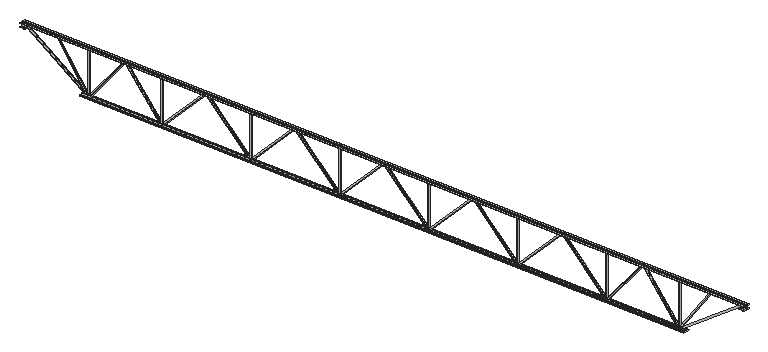
Revit family "M_Caibro de barra Série DLH", category Quadro estrutural, Revit 2019
Family settings
  Arredondamento do comprimento do framing estrutural = 1 mm
  Forma do corte = Não definido
  Material para o comportamento do modelo = Aço
  Exportar sempre como geometria = Sim
  Número OmniClass = 23.25.30.21.14.11
  Título OmniClass = Metal Joists
  ID de item do Seek = DLH-Series Bar Joist-0000-CAN-ENU
  Sempre na vertical = Sim
  Corte com vazios quando carregada = Não
  Representação simbólica = Da família
  Compartilhado = Não
  Exibir o pré-corte da família na vista da planta = Sim
Parameters (values of type "52DLH14")
  Visibilidade do membro vertical = yes
  Painel variável [instance] = (Length - (Painel final * 2) - ComprimentoMatrizPainelInt) / 2  # 2163.5 mm
  Material estrutural = none
  Deslocamento inicial [instance] = 0 mm
  Extensão inicial [instance] = 0 mm
  M = 58
  Espessura da teia = 25 mm
  Comprimento do assento = 150 mm
  Profundidade do assento = 125 mm
  LarguraPainelInt [instance] = Linear * 2  # 2642 mm
  NumMatrizPainelInt [instance] = (ComprimentoÁreaPainel / LarguraPainelInt) - 2  # 5
  ComprimentoMatrizPainelInt [instance] = NumMatrizPainelInt * LarguraPainelInt  # 13210 mm
  ComprimentoÁreaPainel [instance] = Length - (Painel final * 2)  # 17537 mm
  Painel final = 1.5 * Linear  # 1981.5 mm
  Deslocamento final [instance] = 0 mm
  Extensão final [instance] = 0 mm
  Perna da corda = 63.5 mm
  Espessura da corda = 12.5 mm
  Assembly Code = ""
  Length [instance] = 21500 mm
  Linear = 1321 mm
Types (3, lengths in mm): name | Painel variável | M | LarguraPainelInt | NumMatrizPainelInt | ComprimentoMatrizPainelInt | ComprimentoÁreaPainel | Painel final | Extensão final | Linear
  72DLH16 | 2163.5 | 58 | 2642 | 5 | 13210 | 17537 | 1981.5 | 311.997 | 1321
  64DLH15 | 3433 | 64 | 3252 | 3 | 9756 | 16622 | 2439 | 311.997 | 1626
  52DLH14 | 2163.5 | 58 | 2642 | 5 | 13210 | 17537 | 1981.5 | 0 | 1321
Reference planes
  plane 1 "Centro (Frente/Trás)": y = 0
  plane 2: z = 0
  plane 3 "Centro (Esquerda/Direita)": x = 4.61
  plane 4 "Membro esquerdo": x = -3551.39
  plane 5 "Membro direito": x = 3560.61
  plane 6: y = 76
  plane 7: y = -76
  plane 8: z = 660.5
  plane 9: z = -660.5
  plane 10 "Esquerda": x = -10745.39
  plane 11 "Símbolo esquerdo de verga": x = -13136.033
  plane 12 "Símbolo direito de verga": x = 13116.023
  plane 13 "Direita": x = 10754.61
  plane 14: z = 535.5
  plane 15: x = -10595.39
  plane 16: x = -8763.89
  plane 17: x = -8963.89
  plane 18: x = 10604.61
  plane 19: x = 8773.11
  plane 20: y = 12.5
  plane 21: y = -12.5
  plane 22: z = 597
  plane 23: z = -597
  plane 24: x = 8973.11
  plane 25: x = -9679.64
  plane 26: x = -6600.39
  plane 27: x = 6609.61
  plane 28: x = 9688.86
  plane 29: z = -654.15
  plane 30: z = 654.15
  plane 31: x = -10745.39
  plane 32: x = 10754.61
  plane 33: x = -10745.39
  plane 34: x = 10754.61
  plane 35 "Esquerda do símbolo": x = -13136.033
  plane 36: x = -13136.033
  plane 37: x = 13116.023
  plane 38 "Direita do símbolo": x = 13116.023
Forms (mm)
  Extrusion 1, solid, material <- "Material estrutural", detail levels medium+fine
    sketch origin (4.61, 0, 0) x (0, 1, 0) y (0, 0, 1)
      loop
        line (76, 660.5) -> (12.5, 660.5) -> (12.5, 597) -> (25, 597) -> (25, 648) -> (76, 648) -> (76, 660.5)
      loop
        line (-76, 660.5) -> (-76, 648) -> (-25, 648) -> (-25, 597) -> (-12.5, 597) -> (-12.5, 660.5) -> (-76, 660.5)
    from -10750 to 10750
  Extrusion 2, solid, material <- "Material estrutural", detail levels medium+fine
    sketch origin (4.61, 0, 0) x (0, 1, 0) y (0, 0, 1)
      loop
        line (12.5, -597) -> (12.5, -660.5) -> (76, -660.5) -> (76, -648) -> (25, -648) -> (25, -597) -> (12.5, -597)
      loop
        line (-12.5, -597) -> (-25, -597) -> (-25, -648) -> (-76, -648) -> (-76, -660.5) -> (-12.5, -660.5) -> (-12.5, -597)
    from -8968.5 to 8968.5
  Extrusion 3, solid, material <- "Material estrutural", detail levels medium+fine
    sketch origin (4.61, 0, 0) x (0, 1, 0) y (0, 0, 1)
      loop
        line (76, 535.5) -> (76, 548) -> (25, 548) -> (25, 597) -> (12.5, 597) -> (12.5, 535.5) -> (76, 535.5)
      loop
        line (-76, 535.5) -> (-12.5, 535.5) -> (-12.5, 597) -> (-25, 597) -> (-25, 548) -> (-76, 548) -> (-76, 535.5)
    from 10600 to 10750
  Extrusion 4, solid, material <- "Material estrutural", detail levels medium+fine
    sketch origin (4.61, 0, 0) x (0, 1, 0) y (0, 0, 1)
      loop
        line (-76, 535.5) -> (-12.5, 535.5) -> (-12.5, 597) -> (-25, 597) -> (-25, 548) -> (-76, 548) -> (-76, 535.5)
      loop
        line (12.5, 535.5) -> (76, 535.5) -> (76, 548) -> (25, 548) -> (25, 597) -> (12.5, 597) -> (12.5, 535.5)
    from -10750 to -10600
  Sweep 5, solid, material <- "Material estrutural", detail levels fine
    path in 3D
      loop
        line (8773.11, 0, -654.15) -> (10604.61, 0, 597)
    profile "Teia-Perfil : Teia-Perfil" origin (9688.86, 0, -28.575) x (-0.564075, 0, 0.825723) y (0, -1, 0)
      loop
        line (-25.4, 18.85) -> (-25.4, 6.15) -> (25.4, 6.15) -> (25.4, 18.85) -> (-25.4, 18.85)
  Sweep 6, solid, material <- "Material estrutural", detail levels fine
    path in 3D
      loop
        line (9685.957, 0, 597) -> (8773.11, 0, -654.15)
    profile "Teia-Perfil : Teia-Perfil" origin (9229.534, 0, -28.575) x (0.807838, 0, -0.589404) y (0, -1, 0)
      loop
        line (-25.4, 6.35) -> (-25.4, -6.35) -> (25.4, -6.35) -> (25.4, 6.35) -> (-25.4, 6.35)
  Sweep 7, solid, material <- "Material estrutural", detail levels fine
    path in 3D
      loop
        line (-10595.39, 0, 597) -> (-8763.89, 0, -654.15)
    profile "Teia-Perfil : Teia-Perfil" origin (-9679.64, 0, -28.575) x (0.564075, 0, 0.825723) y (0, -1, 0)
      loop
        line (-25.4, 6.35) -> (-25.4, -6.35) -> (25.4, -6.35) -> (25.4, 6.35) -> (-25.4, 6.35)
  Sweep 8, solid, material <- "Material estrutural", detail levels fine
    path in 3D
      loop
        line (-8763.89, 0, -654.15) -> (-9679.64, 0, 597)
    profile "Teia-Perfil : Teia-Perfil" origin (-9221.765, 0, -28.575) x (-0.806946, 0, -0.590625) y (0, -1, 0)
      loop
        line (-25.4, 6.35) -> (-25.4, -6.35) -> (25.4, -6.35) -> (25.4, 6.35) -> (-25.4, 6.35)
Lines and regions (mm)
  symbolic lines, style "StructuralFraming", detail levels coarse
    curve 1: line (0, 76, 660.5) -> (0, 12.5, 660.5)
    curve 2: line (0, -76, -660.5) -> (0, -12.5, -660.5)
    curve 14: line (0, 12.5, -660.5) -> (0, 76, -660.5)
    curve 15: line (4.61, 12.5, -660.5) -> (4.61, 12.5, -597)
    curve 16: line (4.61, -12.5, -660.5) -> (4.61, -12.5, -597)
    curve 17: line (4.61, -12.5, 660.5) -> (4.61, -12.5, 597)
    curve 18: line (4.61, 12.5, 660.5) -> (4.61, 12.5, 597)
    curve 19: line (0, -12.5, 660.5) -> (0, -76, 660.5)
  symbolic lines, style "StructuralFraming", detail levels coarse+medium
    curve 3: line (0, 0, -660.5) -> (0, 0, 660.5)
  reference lines
    curve 4: line (-12986.033, 0, -784.008) -> (-12986.033, 0, 740.192)
    curve 5: line (-11004.533, 0, -790.358) -> (-11004.533, 0, 740.192)
    curve 6: line (12966.023, 0, -731.088) -> (12966.023, 0, 742.312)
    curve 7: line (10984.523, 0, -858.088) -> (10984.523, 0, 742.312)
  model lines, style "Caibro da teia", detail levels coarse
    curve 8: line (10984.523, 0, -660.5) -> (-11004.533, 0, -660.5)
    curve 9: line (13116.023, 0, 660.5) -> (-13136.033, 0, 660.5)
    curve 20: line (-11004.533, 0, -660.5) -> (-12986.033, 0, 660.5)
    curve 21: line (10984.523, 0, -660.5) -> (12966.023, 0, 660.5)
  model lines, style "StructuralFraming", detail levels medium
    curve 10: line (-8763.89, 0, -654.15) -> (-9679.64, 0, 597)
    curve 11: line (-10595.39, 0, 597) -> (-8763.89, 0, -654.15)
    curve 12: line (9685.957, 0, 597) -> (8773.11, 0, -654.15)
    curve 13: line (8773.11, 0, -654.15) -> (10604.61, 0, 597)
  sketch lines
    curve 22: line (8773.11, 0, -654.15) -> (10604.61, 0, 597)
    curve 23: line (9685.957, 0, 597) -> (8773.11, 0, -654.15)
    curve 24: line (-10595.39, 0, 597) -> (-8763.89, 0, -654.15)
    curve 25: line (-8763.89, 0, -654.15) -> (-9679.64, 0, 597)
  symbolic lines, style "StructuralFraming", detail levels fine
    curve 26: line (4.61, 12.5, 597) -> (4.61, 12.5, -597)
    curve 27: line (4.61, -12.5, -597) -> (4.61, -12.5, 597)
    curve 28: line (4.61, 12.5, -654.15) -> (4.61, -12.5, -654.15)
  symbolic lines, detail levels fine
    curve 29: line (4.61, 12.5, 654.15) -> (4.61, -12.5, 654.15)
Dimensions and locks
  equal spacing: plane 9, plane 2, plane 8
  "Length": plane 10 "Esquerda" to plane 13 "Direita"
  equal spacing: plane 10 "Esquerda", plane 3 "Centro (Esquerda/Direita)", plane 13 "Direita"
  "Painel final": curve 5 to curve 4
  "Painel final": curve 6 to curve 7
  "Linear": plane 9 to plane 8
  "Profundidade do assento": plane 8 to plane 14
  locked: plane 17 to plane 16 at 200
  "Painel final": plane 10 "Esquerda" to plane 16
  "Painel final": plane 13 "Direita" to plane 19
  "Espessura da teia": plane 20 to plane 21
  equal spacing: plane 20, plane 1 "Centro (Frente/Trás)", plane 21
  "Perna da corda": plane 21 to plane 7
  "Perna da corda": plane 6 to plane 20
  "Perna da corda": plane 9 to plane 23
  "Perna da corda": plane 22 to plane 8
  "Espessura da corda": plane 8 to Extrusion 1 sketch curve
  "Espessura da corda": Extrusion 1 sketch curve to plane 8
  "Espessura da corda": plane 21 to Extrusion 1 sketch curve
  "Espessura da corda": Extrusion 1 sketch curve to plane 20
  "Espessura da corda": plane 9 to Extrusion 2 sketch curve  (x2)
  "Espessura da corda": Extrusion 2 sketch curve to plane 20
  "Espessura da corda": plane 21 to Extrusion 2 sketch curve
  locked: plane 19 to plane 24 at 200
  "Espessura da corda": plane 14 to Extrusion 3 sketch curve  (x2)
  "Espessura da corda": plane 21 to Extrusion 3 sketch curve
  "Espessura da corda": Extrusion 3 sketch curve to plane 20
  "Espessura da corda": plane 14 to Extrusion 4 sketch curve  (x2)
  "Espessura da corda": Extrusion 4 sketch curve to plane 20
  "Espessura da corda": plane 21 to Extrusion 4 sketch curve
  locked: plane 29 to plane 9 at 6.35
  locked: plane 8 to plane 30 at 6.35
  equal spacing: plane 16, plane 25, plane 15
  equal spacing: plane 18, plane 28, plane 19
  "ComprimentoMatrizPainelInt": plane 27 to plane 26
  equal spacing: group 1, group 3, group 4, group 5, group 2  (x2)
  equal spacing: group 2, group 5, group 4, group 3, group 1
  equal spacing: plane 27, plane 3 "Centro (Esquerda/Direita)", plane 26
  "Deslocamento inicial": plane 10 "Esquerda" to plane 33
  "Comprimento do assento": plane 33 to plane 15
  "Extensão inicial": plane 31 to plane 33
  "Deslocamento final": plane 13 "Direita" to plane 34
  "Extensão inicial": plane 32 to plane 34
  "Comprimento do assento": plane 34 to plane 18
  "Comprimento do assento": curve 4 to plane 36
  "Extensão inicial": plane 36 to plane 35 "Esquerda do símbolo"
  "Deslocamento inicial": plane 36 to plane 11 "Símbolo esquerdo de verga"
  "Comprimento do assento": plane 37 to curve 6
  "Extensão final": plane 38 "Direita do símbolo" to plane 37
  "Deslocamento final": plane 37 to plane 12 "Símbolo direito de verga"
  aligned and locked: curve 8 to plane 9
  aligned and locked: curve 5 to curve 8
  aligned and locked: curve 7 to curve 8
  aligned and locked: plane 8 to Extrusion 1 sketch curve
  aligned and locked: Extrusion 1 sketch curve to plane 8
  aligned and locked: plane 6 to Extrusion 1 sketch curve
  aligned and locked: plane 7 to Extrusion 1 sketch curve
  aligned and locked: Extrusion 1 sketch curve to plane 22
  aligned and locked: plane 22 to Extrusion 1 sketch curve
  aligned and locked: plane 9 to Extrusion 2 sketch curve
  aligned and locked: Extrusion 2 sketch curve to plane 9
  aligned and locked: plane 6 to Extrusion 2 sketch curve
  aligned and locked: plane 7 to Extrusion 2 sketch curve
  aligned and locked: plane 20 to Extrusion 2 sketch curve
  aligned and locked: plane 21 to Extrusion 2 sketch curve
  aligned and locked: Extrusion 2 sketch curve to plane 23
  aligned and locked: plane 23 to Extrusion 2 sketch curve
  aligned and locked: Extrusion 2 to plane 24
  aligned and locked: plane 17 to Extrusion 2
  aligned and locked: Extrusion 3 sketch curve to plane 7
  aligned and locked: plane 14 to Extrusion 3 sketch curve
  aligned and locked: Extrusion 3 sketch curve to plane 14
  aligned and locked: Extrusion 3 sketch curve to plane 6
  aligned and locked: plane 21 to Extrusion 3 sketch curve
  aligned and locked: plane 20 to Extrusion 3 sketch curve
  aligned and locked: Extrusion 3 sketch curve to plane 22
  aligned and locked: plane 22 to Extrusion 3 sketch curve
  aligned and locked: Extrusion 3 to plane 18
  aligned and locked: plane 6 to Extrusion 4 sketch curve
  aligned and locked: Extrusion 4 sketch curve to plane 7
  aligned and locked: Extrusion 4 sketch curve to plane 20
  aligned and locked: plane 21 to Extrusion 4 sketch curve
  aligned and locked: plane 22 to Extrusion 4 sketch curve  (x2)
  aligned and locked: Extrusion 4 sketch curve to plane 14  (x2)
  aligned and locked: plane 15 to Extrusion 4
  aligned and locked: curve 15 to Extrusion 2
  aligned and locked: curve 2 to curve 16
  aligned and locked: Extrusion 2 to curve 16
  aligned and locked: Extrusion 1 to curve 17
  aligned and locked: curve 17 to Extrusion 1
  aligned and locked: curve 18 to Extrusion 1  (x2)
  aligned and locked: curve 1 to Extrusion 1
  aligned and locked: nested 1 to plane 1 "Centro (Frente/Trás)"
  aligned and locked: nested 1 to plane 26
  aligned and locked: plane 27 to nested 2
  aligned and locked: plane 1 "Centro (Frente/Trás)" to nested 3
  aligned and locked: nested 3 to plane 16
  aligned and locked: Extrusion 4 to curve 11
  aligned and locked: curve 13 to Extrusion 3
  aligned and locked: plane 25 to curve 10
  aligned and locked: curve 4 to curve 20
  aligned and locked: curve 6 to curve 21
  aligned and locked: Extrusion 1 to plane 31
  aligned and locked: Extrusion 4 to plane 31
  aligned and locked: plane 32 to Extrusion 1
  aligned and locked: plane 32 to Extrusion 3
  aligned and locked: nested 3 to plane 9
  aligned and locked: plane 9 to nested 1
  aligned and locked: plane 1 "Centro (Frente/Trás)" to nested 4
  aligned and locked: nested 4 to plane 27
  aligned and locked: plane 9 to nested 4
  aligned and locked: plane 35 "Esquerda do símbolo" to curve 9
  aligned and locked: plane 38 "Direita do símbolo" to curve 9
Automatic sketch dimensions
  Extrusion 1 sketch curve to plane 21 = 0 mm
  Extrusion 1 sketch curve to plane 20 = 0 mm
  curve 14 to plane 6 = 0 mm
  curve 1 to plane 6 = 0 mm
  curve 14 to plane 9 = 0 mm
  curve 14 to plane 20 = 0 mm
  curve 1 to plane 20 = 0 mm
  curve 19 to plane 8 = 0 mm
  curve 19 to plane 21 = 0 mm
  curve 19 to plane 7 = 0 mm
  plane 9 to curve 7 = 197.588 mm
  plane 9 to curve 5 = 129.858 mm
  plane 9 to curve 4 = 123.508 mm
  plane 9 to curve 6 = 70.588 mm
  curve 5 to plane 8 = 79.692 mm
  curve 4 to plane 8 = 79.692 mm
  curve 7 to plane 8 = 81.812 mm
  curve 6 to plane 8 = 81.812 mm
  curve 2 to plane 7 = 0 mm
  curve 2 to plane 9 = 0 mm
  curve 2 to plane 21 = 0 mm
  curve 3 to plane 1 "Centro (Frente/Trás)" = 0 mm
  curve 3 to plane 9 = 0 mm
  curve 15 to plane 9 = 0 mm
  curve 28 to plane 29 = 0 mm
  curve 16 to plane 23 = 0 mm
  curve 26 to plane 23 = 0 mm
  curve 26 to plane 22 = 0 mm
  curve 17 to plane 22 = 0 mm
  curve 29 to plane 30 = 0 mm
  curve 3 to plane 8 = 0 mm
  curve 11 to plane 15 = 0 mm
  plane 16 to curve 10 = 0 mm
  curve 12 to plane 19 = 0 mm
  curve 12 to plane 22 = 0 mm
  curve 13 to plane 18 = 0 mm
  curve 10 to plane 29 = 0 mm
  curve 13 to plane 29 = 0 mm
  curve 10 to plane 22 = 0 mm
  curve 20 to plane 8 = 0 mm
  plane 28 to curve 12 = 2.903 mm
Nested families
  nested 1: "Teia angular" at (-6600.39, 0, 0), type "Teia angular"
    with Espessura da teia 12.5 mm, Espessura 25 mm, AlturaPainel 1321 mm, LarguraPainel 2642 mm
  nested 2: "Teia angular" at (3967.61, 0, -0.2), type "Teia angular"
    with Espessura da teia 12.5 mm, Espessura 25 mm, AlturaPainel 1321 mm, LarguraPainel 2642 mm
  nested 3: "Teia angular-Variável-Esquerda" at (-8763.89, 0, 0), LarguraPainel <- "Painel variável", type "Teia angular-Variável-Esquerda"
    with LarguraPainel 2163.5 mm
  nested 4: "Teia angular-Variável-Direita" at (6609.61, 0, 0), LarguraPainel <- "Painel variável", type "Teia angular-Variável-Direita"
    with LarguraPainel 2163.5 mm
  nested 5: "Teia angular" at (-3958.39, 0, -0.05), type "Teia angular"
    with Espessura da teia 12.5 mm, Espessura 25 mm, AlturaPainel 1321 mm, LarguraPainel 2642 mm
  nested 6: "Teia angular" at (-1316.39, 0, -0.1), type "Teia angular"
    with Espessura da teia 12.5 mm, Espessura 25 mm, AlturaPainel 1321 mm, LarguraPainel 2642 mm
  nested 7: "Teia angular" at (1325.61, 0, -0.15), type "Teia angular"
    with Espessura da teia 12.5 mm, Espessura 25 mm, AlturaPainel 1321 mm, LarguraPainel 2642 mm
Definition of nested family "Teia angular"
  Parameters
    MaterialTeia = none
    Espessura da teia = Espessura / 2  # 12.7 mm
    Deslocamento da teia = Perna da teia / 2  # 25.4 mm
    Perna da teia = 50.8 mm
    Visibilidade do membro vertical = yes
    Espessura = 25.4 mm
    AlturaPainel = 1320.8 mm
    LarguraPainel = 2641.6 mm
    Assembly Code = ""
  Reference planes
    plane 1 "Centro (Frente/Trás)": y = 0
    plane 2: z = 0
    plane 3 "Centro (Esquerda/Direita)": x = 0
    plane 4: x = 2641.6
    plane 5: x = 1320.8
    plane 6: z = -660.4
    plane 7: z = -635
    plane 8: z = 635
    plane 9: z = 660.4
    plane 10: y = -12.7
    plane 11: y = 12.7
    plane 12: z = 596.9
    plane 13: z = -596.9
  Forms (mm)
    Sweep 1, solid, material <- "MaterialTeia", detail levels fine
      path in 3D
        loop
          line (0, 0, -635) -> (25.4, 0, -635) -> (1295.4, 0, 635) -> (1346.2, 0, 635)
      profile origin (12.7, 0, -635) x (0, 0, 1) y (0, -1, 0)
        loop
          line (25.4, 0) -> (25.4, 12.7) -> (-25.4, 12.7) -> (-25.4, 0) -> (25.4, 0)
    Sweep 2, solid, material <- "MaterialTeia", detail levels fine
      path in 3D
        loop
          line (2641.6, 0, -635) -> (2616.2, 0, -635) -> (1346.2, 0, 635) -> (1295.4, 0, 635)
      profile origin (2628.9, 0, -635) x (0, 0, -1) y (0, -1, 0)
        loop
          line (-25.4, -12.7) -> (25.4, -12.7) -> (25.4, 0) -> (-25.4, 0) -> (-25.4, -12.7)
    Sweep 3, solid, material <- "MaterialTeia", detail levels fine
      path in 3D
        loop
          line (99.421, -12.7, -596.9) -> (1293.221, -12.7, 596.9)
      profile origin (696.321, -12.7, 0) x (-0.707107, 0, 0.707107) y (0, -1, 0)
        loop
          line (0, 0) -> (12.7, 0) -> (12.7, 38.1) -> (0, 38.1) -> (0, 0)
    Sweep 4, solid, material <- "MaterialTeia", detail levels fine
      path in 3D
        loop
          line (2542.179, 12.7, -596.9) -> (1348.379, 12.7, 596.9)
      profile origin (1945.279, 12.7, 0) x (0.707107, 0, 0.707107) y (0, 1, 0)
        loop
          line (0, 0) -> (12.7, 0) -> (12.7, 38.1) -> (0, 38.1) -> (0, 0)
    Sweep 5, solid, material <- "MaterialTeia", visible <- "Visibilidade do membro vertical", detail levels fine
      path origin (0, 0, 0) x (1, 0, 0) y (0, 1, 0)
        loop
          line (2641.6, 12.7) -> (2641.6, -12.7)
      profile origin (2641.6, 0, 0) x (1, 0, 0) y (0, 0, 1)
        loop
          line (-25.4, 660.4) -> (-25.4, 577.85) -> (-14.288, 566.738) -> (-14.288, -566.738) -> (-25.4, -577.85) -> (-25.4, -660.4) -> (25.4, -660.4) -> (25.4, 660.4) -> (-25.4, 660.4)
  Cuts and joins
    joined: Sweep 1, Sweep 3
    joined: Sweep 2, Sweep 4
  Lines and regions (mm)
    model lines, detail levels medium+fine
      curve 1: line (0, 0, -660.4) -> (0, 0, 660.4)
      curve 2: line (0, 0, 660.4) -> (2641.6, 0, 660.4)
      curve 3: line (2641.6, 0, 660.4) -> (2641.6, 0, -660.4)
      curve 4: line (2641.6, 0, -660.4) -> (0, 0, -660.4)
    model lines, detail levels medium
      curve 5: line (1295.4, 0, 635) -> (1346.2, 0, 635)
      curve 6: line (0, 0, -635) -> (25.4, 0, -635)
      curve 7: line (2641.6, 0, -635) -> (2616.2, 0, -635)
      curve 8: line (25.4, 0, -635) -> (1295.4, 0, 635)
      curve 9: line (1346.2, 0, 635) -> (2616.2, 0, -635)
    sketch lines
      curve 10: line (0, 0, -635) -> (25.4, 0, -635)
      curve 11: line (25.4, 0, -635) -> (1295.4, 0, 635)
      curve 12: line (1295.4, 0, 635) -> (1346.2, 0, 635)
      curve 13: line (2641.6, 0, -635) -> (2616.2, 0, -635)
      curve 14: line (1346.2, 0, 635) -> (2616.2, 0, -635)
      curve 15: line (1295.4, 0, 635) -> (1346.2, 0, 635)
      curve 16: line (99.421, -12.7, -596.9) -> (1293.221, -12.7, 596.9)
      curve 17: line (2542.179, 12.7, -596.9) -> (1348.379, 12.7, 596.9)
    model lines, visible <- "Visibilidade do membro vertical", detail levels medium
      curve 18: line (2641.6, 0, 660.4) -> (2641.6, 0, -660.4)
  Dimensions and locks
    "LarguraPainel": plane 4 to plane 3 "Centro (Esquerda/Direita)"
    equal spacing: plane 4, plane 5, plane 3 "Centro (Esquerda/Direita)"
    plane 7 to plane 6 = 25.4 mm
    "Espessura": plane 9 to plane 8
    "AlturaPainel": plane 9 to plane 6
    equal spacing: plane 9, plane 2, plane 6
    "Espessura": plane 11 to plane 10
    equal spacing: plane 11, plane 1 "Centro (Frente/Trás)", plane 10
    locked: plane 9 to plane 12 at 63.5
    plane 13 to plane 6 = 63.5 mm
    "Deslocamento da teia": plane 7 to plane 6
    "Deslocamento da teia": curve 6 to plane 3 "Centro (Esquerda/Direita)"
    "Deslocamento da teia": curve 7 to plane 4
    "Deslocamento da teia": plane 5 to curve 5
    "Deslocamento da teia": curve 5 to plane 5
    "Perna da teia": Sweep 1 sketch curve to Sweep 1 sketch curve
    equal spacing: Sweep 1 sketch curve, plane 7, Sweep 1 sketch curve
    equal spacing: Sweep 2 sketch curve, profile plane, Sweep 2 sketch curve
    "Perna da teia": Sweep 2 sketch curve to Sweep 2 sketch curve
    "Perna da teia": plane 1 "Centro (Frente/Trás)" to Sweep 3 sketch curve
    "Espessura da teia": Sweep 3 sketch curve to Sweep 3 sketch curve
    "Perna da teia": plane 1 "Centro (Frente/Trás)" to Sweep 4 sketch curve
    "Espessura da teia": Sweep 4 sketch curve to Sweep 4 sketch curve
    locked: Sweep 5 sketch curve to Sweep 5 sketch curve at 82.55  (x2)
    equal spacing: Sweep 5 sketch curve, plane 4, Sweep 5 sketch curve  (x2)
    "Perna da teia": Sweep 5 sketch curve to Sweep 5 sketch curve
    locked: Sweep 5 sketch curve to Sweep 5 sketch curve at 11.112
    equal spacing: Sweep 5 sketch curve, plane 2, Sweep 5 sketch curve
    locked: Sweep 5 sketch curve to Sweep 5 sketch curve (angle 135.00°)  (x2)
    aligned and locked: plane 8 to curve 5
    aligned and locked: curve 7 to plane 7
    aligned and locked: plane 7 to curve 6
    aligned and locked: plane 9 to curve 2
    aligned and locked: plane 10 to Sweep 1 sketch curve
    aligned and locked: Sweep 1 sketch curve to plane 1 "Centro (Frente/Trás)"
    aligned and locked: Sweep 2 sketch curve to plane 11
    aligned and locked: profile plane to Sweep 2 sketch curve
    aligned and locked: Sweep 1 to curve 16
    aligned and locked: Sweep 3 sketch curve to profile plane
    aligned and locked: plane 10 to Sweep 3 sketch curve
    aligned and locked: Sweep 4 sketch curve to plane 11
    aligned and locked: profile plane to Sweep 4 sketch curve
    aligned and locked: plane 4 to Sweep 5 sketch curve
    aligned and locked: plane 11 to Sweep 5 sketch curve
    aligned and locked: plane 10 to Sweep 5 sketch curve
    aligned and locked: plane 9 to Sweep 5 sketch curve
    aligned and locked: Sweep 5 sketch curve to plane 6
    aligned and locked: plane 3 "Centro (Esquerda/Direita)" to curve 1
    aligned and locked: curve 4 to plane 6
    aligned and locked: curve 18 to plane 4
    aligned and locked: curve 2 to curve 18
Definition of nested family "Teia angular-Variável-Esquerda"
  Parameters
    MaterialTeia = none
    Espessura da teia = Espessura / 2  # 12.5 mm
    Deslocamento da teia = Perna da teia / 2  # 25.4 mm
    Perna da teia = 50.8 mm
    Visibilidade do membro vertical = yes
    Espessura = 25 mm
    AlturaPainel = 1321 mm
    LarguraPainel [instance] = 1524 mm
    Assembly Code = ""
  Reference planes
    plane 1 "Centro (Frente/Trás)": y = 0
    plane 2: z = 0
    plane 3 "Centro (Esquerda/Direita)": x = 0
    plane 4: x = 1524
    plane 5: x = 762
    plane 6: z = -660.5
    plane 7: z = -635.1
    plane 8: z = 635.5
    plane 9: z = 660.5
    plane 10: y = -12.5
    plane 11: y = 12.5
    plane 12: z = 597
    plane 13: z = -597
  Forms (mm)
    Sweep 1, solid, material <- "MaterialTeia", detail levels fine
      path in 3D
        loop
          line (0, 0, -635.1) -> (25.4, 0, -635.1) -> (736.6, 0, 635.5) -> (787.4, 0, 635.5)
      profile origin (12.7, 0, -635.1) x (0, 0, 1) y (0, -1, 0)
        loop
          line (25.4, 0) -> (25.4, 12.5) -> (-25.4, 12.5) -> (-25.4, 0) -> (25.4, 0)
    Sweep 2, solid, material <- "MaterialTeia", detail levels fine
      path in 3D
        loop
          line (1524, 0, -635.1) -> (1498.6, 0, -635.1) -> (787.4, 0, 635.5) -> (736.6, 0, 635.5)
      profile origin (1511.3, 0, -635.1) x (0, 0, -1) y (0, -1, 0)
        loop
          line (-25.4, -12.5) -> (25.4, -12.5) -> (25.4, 0) -> (-25.4, 0) -> (-25.4, -12.5)
    Sweep 3, solid, material <- "MaterialTeia", detail levels fine
      path in 3D
        loop
          line (84.153, -12.5, -582.138) -> (742.719, -12.5, 594.428)
      profile origin (413.436, -12.5, 6.145) x (-0.872604, 0, 0.488428) y (0, -1, 0)
        loop
          line (0, 0) -> (12.5, 0) -> (12.5, 38.3) -> (0, 38.3) -> (0, 0)
    Sweep 4, solid, material <- "MaterialTeia", detail levels fine
      path in 3D
        loop
          line (1439.847, 12.5, -582.138) -> (781.281, 12.5, 594.428)
      profile origin (1110.564, 12.5, 6.145) x (0.872604, 0, 0.488428) y (0, 1, 0)
        loop
          line (0, 0) -> (12.5, 0) -> (12.5, 38.3) -> (0, 38.3) -> (0, 0)
    Sweep 5, solid, material <- "MaterialTeia", visible <- "Visibilidade do membro vertical", detail levels fine
      path origin (0, 0, 0) x (1, 0, 0) y (0, 1, 0)
        loop
          line (0, 12.5) -> (0, -12.5)
      profile origin (0, 0, 0) x (1, 0, 0) y (0, 0, 1)
        loop
          line (-25.4, 660.5) -> (-25.4, 577.95) -> (-14.287, 566.838) -> (-14.287, -566.838) -> (-25.4, -577.95) -> (-25.4, -660.5) -> (25.4, -660.5) -> (25.4, 660.5) -> (-25.4, 660.5)
    Sweep 6, solid, material <- "MaterialTeia", visible <- "Visibilidade do membro vertical", detail levels fine
      path origin (0, 0, 0) x (1, 0, 0) y (0, 1, 0)
        loop
          line (1524, 12.5) -> (1524, -12.5)
      profile origin (1524, 0, 0) x (1, 0, 0) y (0, 0, 1)
        loop
          line (-25.4, 660.5) -> (-25.4, 577.95) -> (-14.288, 566.838) -> (-14.288, -566.838) -> (-25.4, -577.95) -> (-25.4, -660.5) -> (25.4, -660.5) -> (25.4, 660.5) -> (-25.4, 660.5)
  Cuts and joins
    joined: Sweep 1, Sweep 3
    joined: Sweep 2, Sweep 4
  Lines and regions (mm)
    model lines, detail levels medium+fine
      curve 1: line (0, 0, -660.5) -> (0, 0, 660.5)
      curve 2: line (0, 0, 660.5) -> (1524, 0, 660.5)
      curve 3: line (1524, 0, 660.5) -> (1524, 0, -660.5)
      curve 4: line (1524, 0, -660.5) -> (0, 0, -660.5)
    model lines, detail levels medium
      curve 5: line (736.6, 0, 635.5) -> (787.4, 0, 635.5)
      curve 6: line (0, 0, -635.1) -> (25.4, 0, -635.1)
      curve 7: line (1524, 0, -635.1) -> (1498.6, 0, -635.1)
      curve 8: line (25.4, 0, -635.1) -> (736.6, 0, 635.5)
      curve 9: line (787.4, 0, 635.5) -> (1498.6, 0, -635.1)
    sketch lines
      curve 10: line (0, 0, -635.1) -> (25.4, 0, -635.1)
      curve 11: line (25.4, 0, -635.1) -> (736.6, 0, 635.5)
      curve 12: line (736.6, 0, 635.5) -> (787.4, 0, 635.5)
      curve 13: line (1524, 0, -635.1) -> (1498.6, 0, -635.1)
      curve 14: line (787.4, 0, 635.5) -> (1498.6, 0, -635.1)
      curve 15: line (736.6, 0, 635.5) -> (787.4, 0, 635.5)
      curve 16: line (84.153, -12.5, -582.138) -> (742.719, -12.5, 594.428)
      curve 17: line (1439.847, 12.5, -582.138) -> (781.281, 12.5, 594.428)
    model lines, visible <- "Visibilidade do membro vertical", detail levels medium
      curve 18: line (0, 0, -660.5) -> (0, 0, 660.5)
      curve 19: line (1524, 0, 660.5) -> (1524, 0, -660.5)
  Dimensions and locks
    "LarguraPainel": plane 4 to plane 3 "Centro (Esquerda/Direita)"
    equal spacing: plane 4, plane 5, plane 3 "Centro (Esquerda/Direita)"
    plane 7 to plane 6 = 25.4 mm
    "Espessura": plane 9 to plane 8
    "AlturaPainel": plane 9 to plane 6
    equal spacing: plane 9, plane 2, plane 6
    "Espessura": plane 11 to plane 10
    equal spacing: plane 11, plane 1 "Centro (Frente/Trás)", plane 10
    locked: plane 9 to plane 12 at 63.5
    plane 13 to plane 6 = 63.5 mm
    "Deslocamento da teia": plane 7 to plane 6
    "Deslocamento da teia": curve 6 to plane 3 "Centro (Esquerda/Direita)"
    "Deslocamento da teia": curve 7 to plane 4
    "Deslocamento da teia": plane 5 to curve 5
    "Deslocamento da teia": curve 5 to plane 5
    "Perna da teia": Sweep 1 sketch curve to Sweep 1 sketch curve
    equal spacing: Sweep 1 sketch curve, plane 7, Sweep 1 sketch curve
    equal spacing: Sweep 2 sketch curve, profile plane, Sweep 2 sketch curve
    "Perna da teia": Sweep 2 sketch curve to Sweep 2 sketch curve
    "Perna da teia": plane 1 "Centro (Frente/Trás)" to Sweep 3 sketch curve
    "Espessura da teia": Sweep 3 sketch curve to Sweep 3 sketch curve
    "Perna da teia": plane 1 "Centro (Frente/Trás)" to Sweep 4 sketch curve
    "Espessura da teia": Sweep 4 sketch curve to Sweep 4 sketch curve
    locked: Sweep 5 sketch curve to Sweep 5 sketch curve at 82.55  (x2)
    equal spacing: Sweep 5 sketch curve, plane 3 "Centro (Esquerda/Direita)", Sweep 5 sketch curve  (x2)
    "Perna da teia": Sweep 5 sketch curve to Sweep 5 sketch curve
    locked: Sweep 5 sketch curve to Sweep 5 sketch curve at 11.112  (x2)
    equal spacing: Sweep 6 sketch curve, plane 4, Sweep 6 sketch curve  (x2)
    "Perna da teia": Sweep 6 sketch curve to Sweep 6 sketch curve
    locked: Sweep 6 sketch curve to Sweep 6 sketch curve at 82.55
    Sweep 6 sketch curve to Sweep 6 sketch curve = 82.55 mm
    locked: Sweep 6 sketch curve to Sweep 6 sketch curve at 11.112
    locked: Sweep 5 sketch curve to Sweep 5 sketch curve (angle 135.00°)  (x2)
    locked: Sweep 6 sketch curve to Sweep 6 sketch curve (angle 135.00°)  (x2)
    aligned and locked: plane 8 to curve 5
    aligned and locked: curve 7 to plane 7
    aligned and locked: plane 7 to curve 6
    aligned and locked: plane 9 to curve 2
    aligned and locked: plane 10 to Sweep 1 sketch curve
    aligned and locked: Sweep 1 sketch curve to plane 1 "Centro (Frente/Trás)"
    aligned and locked: Sweep 2 sketch curve to plane 11
    aligned and locked: profile plane to Sweep 2 sketch curve
    aligned and locked: Sweep 1 to curve 16
    aligned and locked: Sweep 3 sketch curve to profile plane
    aligned and locked: plane 10 to Sweep 3 sketch curve
    aligned and locked: Sweep 4 sketch curve to plane 11
    aligned and locked: profile plane to Sweep 4 sketch curve
    aligned and locked: Sweep 5 sketch curve to plane 3 "Centro (Esquerda/Direita)"
    aligned and locked: plane 11 to Sweep 5 sketch curve
    aligned and locked: plane 10 to Sweep 5 sketch curve
    aligned and locked: Sweep 5 sketch curve to plane 9
    aligned and locked: Sweep 5 sketch curve to plane 6
    aligned and locked: plane 11 to Sweep 6 sketch curve
    aligned and locked: plane 10 to Sweep 6 sketch curve
    aligned and locked: plane 4 to Sweep 6 sketch curve
    aligned and locked: plane 9 to Sweep 6 sketch curve
    aligned and locked: Sweep 6 sketch curve to plane 6
    aligned and locked: plane 3 "Centro (Esquerda/Direita)" to curve 1
    aligned and locked: curve 4 to plane 6
    aligned and locked: curve 19 to plane 4
    aligned and locked: curve 2 to curve 19
    aligned and locked: curve 4 to curve 18
Definition of nested family "Teia angular-Variável-Direita"
  Parameters
    MaterialTeia = none
    Espessura da teia = Espessura / 2  # 12.5 mm
    Deslocamento da teia = Perna da teia / 2  # 25.4 mm
    Perna da teia = 50.8 mm
    Visibilidade do membro vertical = yes
    Espessura = 25 mm
    AlturaPainel = 1321 mm
    LarguraPainel [instance] = 1524 mm
    Assembly Code = ""
  Reference planes
    plane 1 "Centro (Frente/Trás)": y = 0
    plane 2: z = 0
    plane 3 "Centro (Esquerda/Direita)": x = 0
    plane 4: x = 1524
    plane 5: x = 762
    plane 6: z = -660.5
    plane 7: z = -635.1
    plane 8: z = 635.5
    plane 9: z = 660.5
    plane 10: y = -12.5
    plane 11: y = 12.5
    plane 12: z = 597
    plane 13: z = -597
  Forms (mm)
    Sweep 1, solid, material <- "MaterialTeia", detail levels fine
      path in 3D
        loop
          line (0, 0, -635.1) -> (25.4, 0, -635.1) -> (736.6, 0, 635.5) -> (787.4, 0, 635.5)
      profile origin (12.7, 0, -635.1) x (0, 0, 1) y (0, -1, 0)
        loop
          line (25.4, 0) -> (25.4, 12.5) -> (-25.4, 12.5) -> (-25.4, 0) -> (25.4, 0)
    Sweep 2, solid, material <- "MaterialTeia", detail levels fine
      path in 3D
        loop
          line (1524, 0, -635.1) -> (1498.6, 0, -635.1) -> (787.4, 0, 635.5) -> (736.6, 0, 635.5)
      profile origin (1511.3, 0, -635.1) x (0, 0, -1) y (0, -1, 0)
        loop
          line (-25.4, -12.5) -> (25.4, -12.5) -> (25.4, 0) -> (-25.4, 0) -> (-25.4, -12.5)
    Sweep 3, solid, material <- "MaterialTeia", detail levels fine
      path in 3D
        loop
          line (84.153, -12.5, -582.138) -> (742.719, -12.5, 594.428)
      profile origin (413.436, -12.5, 6.145) x (-0.872604, 0, 0.488428) y (0, -1, 0)
        loop
          line (0, 0) -> (12.5, 0) -> (12.5, 38.3) -> (0, 38.3) -> (0, 0)
    Sweep 4, solid, material <- "MaterialTeia", detail levels fine
      path in 3D
        loop
          line (1439.847, 12.5, -582.138) -> (781.281, 12.5, 594.428)
      profile origin (1110.564, 12.5, 6.145) x (0.872604, 0, 0.488428) y (0, 1, 0)
        loop
          line (0, 0) -> (12.5, 0) -> (12.5, 38.3) -> (0, 38.3) -> (0, 0)
    Sweep 5, solid, material <- "MaterialTeia", visible <- "Visibilidade do membro vertical", detail levels fine
      path origin (0, 0, 0) x (1, 0, 0) y (0, 1, 0)
        loop
          line (1524, 12.5) -> (1524, -12.5)
      profile origin (1524, 0, 0) x (1, 0, 0) y (0, 0, 1)
        loop
          line (-25.4, 660.5) -> (-25.4, 577.95) -> (-14.288, 566.838) -> (-14.288, -566.838) -> (-25.4, -577.95) -> (-25.4, -660.5) -> (25.4, -660.5) -> (25.4, 660.5) -> (-25.4, 660.5)
  Cuts and joins
    joined: Sweep 1, Sweep 3
    joined: Sweep 2, Sweep 4
  Lines and regions (mm)
    model lines, detail levels medium+fine
      curve 1: line (0, 0, -660.5) -> (0, 0, 660.5)
      curve 2: line (0, 0, 660.5) -> (1524, 0, 660.5)
      curve 3: line (1524, 0, 660.5) -> (1524, 0, -660.5)
      curve 4: line (1524, 0, -660.5) -> (0, 0, -660.5)
    model lines, detail levels medium
      curve 5: line (736.6, 0, 635.5) -> (787.4, 0, 635.5)
      curve 6: line (0, 0, -635.1) -> (25.4, 0, -635.1)
      curve 7: line (1524, 0, -635.1) -> (1498.6, 0, -635.1)
      curve 8: line (25.4, 0, -635.1) -> (736.6, 0, 635.5)
      curve 9: line (787.4, 0, 635.5) -> (1498.6, 0, -635.1)
    sketch lines
      curve 10: line (0, 0, -635.1) -> (25.4, 0, -635.1)
      curve 11: line (25.4, 0, -635.1) -> (736.6, 0, 635.5)
      curve 12: line (736.6, 0, 635.5) -> (787.4, 0, 635.5)
      curve 13: line (1524, 0, -635.1) -> (1498.6, 0, -635.1)
      curve 14: line (787.4, 0, 635.5) -> (1498.6, 0, -635.1)
      curve 15: line (736.6, 0, 635.5) -> (787.4, 0, 635.5)
      curve 16: line (84.153, -12.5, -582.138) -> (742.719, -12.5, 594.428)
      curve 17: line (1439.847, 12.5, -582.138) -> (781.281, 12.5, 594.428)
    model lines, visible <- "Visibilidade do membro vertical", detail levels medium
      curve 18: line (1524, 0, 660.5) -> (1524, 0, -660.5)
  Dimensions and locks
    "LarguraPainel": plane 4 to plane 3 "Centro (Esquerda/Direita)"
    equal spacing: plane 4, plane 5, plane 3 "Centro (Esquerda/Direita)"
    plane 7 to plane 6 = 25.4 mm
    "Espessura": plane 9 to plane 8
    "AlturaPainel": plane 9 to plane 6
    equal spacing: plane 9, plane 2, plane 6
    "Espessura": plane 11 to plane 10
    equal spacing: plane 11, plane 1 "Centro (Frente/Trás)", plane 10
    locked: plane 9 to plane 12 at 63.5
    plane 13 to plane 6 = 63.5 mm
    "Deslocamento da teia": plane 7 to plane 6
    "Deslocamento da teia": curve 6 to plane 3 "Centro (Esquerda/Direita)"
    "Deslocamento da teia": curve 7 to plane 4
    "Deslocamento da teia": plane 5 to curve 5
    "Deslocamento da teia": curve 5 to plane 5
    "Perna da teia": Sweep 1 sketch curve to Sweep 1 sketch curve
    equal spacing: Sweep 1 sketch curve, plane 7, Sweep 1 sketch curve
    equal spacing: Sweep 2 sketch curve, profile plane, Sweep 2 sketch curve
    "Perna da teia": Sweep 2 sketch curve to Sweep 2 sketch curve
    "Perna da teia": plane 1 "Centro (Frente/Trás)" to Sweep 3 sketch curve
    "Espessura da teia": Sweep 3 sketch curve to Sweep 3 sketch curve
    "Perna da teia": plane 1 "Centro (Frente/Trás)" to Sweep 4 sketch curve
    "Espessura da teia": Sweep 4 sketch curve to Sweep 4 sketch curve
    equal spacing: Sweep 5 sketch curve, plane 4, Sweep 5 sketch curve  (x2)
    locked: Sweep 5 sketch curve to Sweep 5 sketch curve at 82.55  (x2)
    "Perna da teia": Sweep 5 sketch curve to Sweep 5 sketch curve
    locked: Sweep 5 sketch curve to Sweep 5 sketch curve at 11.113
    locked: Sweep 5 sketch curve to Sweep 5 sketch curve (angle 135.00°)  (x2)
    aligned and locked: plane 8 to curve 5
    aligned and locked: curve 7 to plane 7
    aligned and locked: plane 7 to curve 6
    aligned and locked: plane 9 to curve 2
    aligned and locked: plane 10 to Sweep 1 sketch curve
    aligned and locked: Sweep 1 sketch curve to plane 1 "Centro (Frente/Trás)"
    aligned and locked: Sweep 2 sketch curve to plane 11
    aligned and locked: profile plane to Sweep 2 sketch curve
    aligned and locked: Sweep 1 to curve 16
    aligned and locked: Sweep 3 sketch curve to profile plane
    aligned and locked: plane 10 to Sweep 3 sketch curve
    aligned and locked: Sweep 4 sketch curve to plane 11
    aligned and locked: profile plane to Sweep 4 sketch curve
    aligned and locked: plane 11 to Sweep 5 sketch curve
    aligned and locked: plane 4 to Sweep 5 sketch curve
    aligned and locked: plane 10 to Sweep 5 sketch curve
    aligned and locked: plane 9 to Sweep 5 sketch curve
    aligned and locked: Sweep 5 sketch curve to plane 6
    aligned and locked: curve 4 to plane 6
    aligned and locked: curve 18 to plane 4
    aligned and locked: curve 2 to curve 18
    aligned and locked: plane 3 "Centro (Esquerda/Direita)" to curve 1
Types in the file's own list only (39): name | Visibilidade do membro vertical | M | Painel final | Perna da corda | Espessura da corda | Linear
  52DLH10 | Sim | 37 | 1982 mm | 64 mm | 13 mm | 1321 mm
  52DLH11 | Sim | 39 | 1982 mm | 64 mm | 13 mm | 1321 mm
  52DLH12 | Sim | 43 | 1982 mm | 64 mm | 13 mm | 1321 mm
  52DLH13 | Sim | 51 | 1982 mm | 64 mm | 13 mm | 1321 mm
  52DLH15 | Sim | 63 | 1982 mm | 64 mm | 13 mm | 1321 mm
  52DLH16 | Sim | 67 | 1982 mm | 64 mm | 13 mm | 1321 mm
  52DLH17 | Sim | 77 | 1982 mm | 64 mm | 13 mm | 1321 mm
  56DLH11 | Sim | 39 | 2133 mm | 64 mm | 13 mm | 1422 mm
  56DLH12 | Sim | 45 | 2133 mm | 64 mm | 13 mm | 1422 mm
  56DLH13 | Sim | 51 | 2133 mm | 64 mm | 13 mm | 1422 mm
  56DLH14 | Sim | 58 | 2133 mm | 64 mm | 13 mm | 1422 mm
  56DLH15 | Sim | 63 | 2133 mm | 64 mm | 13 mm | 1422 mm
  56DLH16 | Sim | 68 | 2133 mm | 64 mm | 13 mm | 1422 mm
  56DLH17 | Sim | 76 | 2133 mm | 64 mm | 13 mm | 1422 mm
  60DLH12 | Sim | 43 | 2286 mm | 64 mm | 13 mm | 1524 mm
  60DLH13 | Sim | 52 | 2286 mm | 64 mm | 13 mm | 1524 mm
  60DLH14 | Sim | 60 | 2286 mm | 64 mm | 13 mm | 1524 mm
  60DLH15 | Sim | 64 | 2286 mm | 64 mm | 13 mm | 1524 mm
  60DLH16 | Sim | 68 | 2286 mm | 64 mm | 13 mm | 1524 mm
  60DLH17 | Sim | 77 | 2286 mm | 64 mm | 13 mm | 1524 mm
  60DLH18 | Sim | 88 | 2286 mm | 64 mm | 13 mm | 1524 mm
  64DLH12 | Sim | 46 | 2439 mm | 64 mm | 13 mm | 1626 mm
  64DLH13 | Sim | 51 | 2439 mm | 64 mm | 13 mm | 1626 mm
  64DLH14 | Sim | 60 | 2439 mm | 64 mm | 13 mm | 1626 mm
  64DLH16 | Sim | 68 | 2439 mm | 64 mm | 13 mm | 1626 mm
  64DLH17 | Sim | 77 | 2439 mm | 64 mm | 13 mm | 1626 mm
  64DLH18 | Sim | 88 | 2439 mm | 64 mm | 13 mm | 1626 mm
  68DLH13 | Sim | 55 | 2591 mm | 64 mm | 13 mm | 1727 mm
  68DLH14 | Sim | 60 | 2591 mm | 64 mm | 13 mm | 1727 mm
  68DLH15 | Sim | 65 | 2591 mm | 64 mm | 13 mm | 1727 mm
  68DLH16 | Sim | 73 | 2591 mm | 64 mm | 13 mm | 1727 mm
  68DLH17 | Sim | 82 | 2591 mm | 64 mm | 13 mm | 1727 mm
  68DLH18 | Sim | 91 | 2591 mm | 64 mm | 13 mm | 1727 mm
  68DLH19 | Sim | 100 | 2591 mm | 64 mm | 13 mm | 1727 mm
  72DLH14 | Sim | 61 | 2744 mm | 64 mm | 13 mm | 1829 mm
  72DLH15 | Sim | 65 | 2744 mm | 64 mm | 13 mm | 1829 mm
  72DLH17 | Sim | 83 | 2744 mm | 64 mm | 13 mm | 1829 mm
  72DLH18 | Sim | 88 | 2744 mm | 64 mm | 13 mm | 1829 mm
  72DLH19 | Sim | 104 | 2744 mm | 64 mm | 13 mm | 1829 mm
